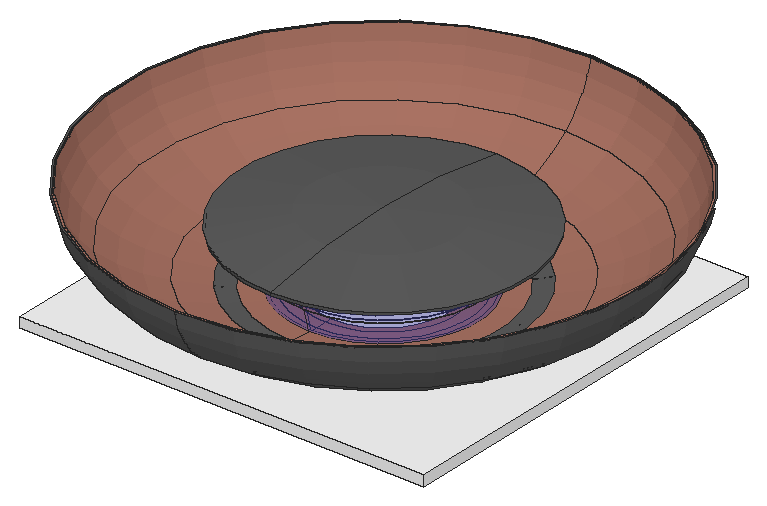
Revit family "BE_51219.6_de_DE", category Leuchten, Revit 2020
Family settings
  Basisbauteil = Fläche
  Bemaßung runder Anschluss = Durchmesser verwenden
  Teiletyp = Normal
  Beim Laden mit Abzugskörper schneiden = Ja
  Lichtquelle = Ja
  Gemeinsam genutzt = Nein
  Raumberechnungspunkt = Ja
Parameters (values of type "BEGA_51219.6_K3")
  built-in parameter 1150104 = 14.493 (stored number, unit not read)
  Wattage = 25 W
  Default Elevation = 0 mm
  built-in parameter 1150113 = 1 (stored number, unit not read)
  built-in parameter 1114218 = 1 (stored number, unit not read)
  Umgebungstemperatur = "25 °C"
  URL = "https://www.bega.com/de/produkt/51219.6"
  Typenkommentare = "© 2023 BEGA. Wir behalten uns das Recht vor, technische Änderungen ohne vorherige Ankündigung vorzunehmen."  # constant formula
  built-in parameter 1150134 = (empty or 0)
  built-in parameter 1150109 = 1 (stored number, unit not read)
  built-in parameter 1150110 = 1 (stored number, unit not read)
  Spannung = 239.996 V
  Sonderanfertigung = no
  Seriennummer [instance] = "Hier können Sie die eindeutige Seriennummer für das Facility Management eintragen."
  Schutzklasse = "I"
  Schutzart = "IP 20"
  Scheinlast = 0 VA
  Produktdatenblatt = "https://cdn.bega.com/bega/products/51219.6K3/current/documents/data-sheets/de"
  Neigungswinkel = 0.00°
  Modell = "51219.6K3"
  Material_35 = BEGA_Oberfläche_Samtschwarz_matt
  Material_34 = BEGA_Oberfläche_Samtweiss_matt
  Material_29 = BEGA_Oberfläche_Kupfer_matt
  Material_14 = BEGA_Kunststoff_opal
  M_W = no
  M_G = no
  M_A = no
  Logo = 0
  built-in parameter 1114217 = 1 (stored number, unit not read)
  built-in parameter 1150139 = (empty or 0)
  built-in parameter 1150105 = 310.35 (stored number, unit not read)
  built-in parameter 1150114 = 1 (stored number, unit not read)
  Lumens = 3900 lm
  built-in parameter 1150115 = 1 (stored number, unit not read)
  Leuchtenlichtstrom = "447 lm"
  Lebensdauerkriterien = "L70B50 @ 25 °C = 160000 h"
  Lastklassifizierung = Beleuchtung
  built-in parameter 1150112 = 1 (stored number, unit not read)
  Lampenlichtstrom = "3900 lm"
  Lampe = "LED 25 W"
  LED_Modulbezeichnung = "LED-1166/930"
  Hersteller = "BEGA"  # constant formula
  Frequenz = "0/50-60 Hz"
  Farbwiedergabeindex = "CRI > 90"
  Farbtemperaturverschiebung bei Dämpfen der Lampe = <Keine Auswahl>
  Farbtemperatur = "3000 K"
  Color Filter = 16777215
  built-in parameter 1150133 = 10 (stored number, unit not read)
  Energieeffizienzklasse = "LED A++ - A"
  built-in parameter 1150137 = (empty or 0)
  built-in parameter 1150132 = (empty or 0)
  Datei für fotometrisches Netz = "BE_51219-6K3.ies"
  CE_Konformität = "ja"
  Bestellnummer = "51219.6K3"
  Beschreibung_Sonderanfertigung = "Hier können Sie Informationen zur Sonderanfertigung eintragen."
  Beschreibung = "Wandleuchte"
  built-in parameter 1150106 = 3.1035 (stored number, unit not read)
  Befestigungsbohrung = "Ø 4,5 mm"
  BEGA_Intern_aus = yes
  BEGA_Intern_an = yes
  BEGA_Intern_Konstruktion = yes
  BEGA_Intern = yes
  BEGA_IES = yes
  BEGA_Dummy = no
  Anschlussleistung [instance] = "28.4 W"
  built-in parameter 1150107 = 3000 (stored number, unit not read)
  built-in parameter 1150102 = (empty or 0)
  built-in parameter 1150138 = (empty or 0)
  Aktualisierung = "2023-02-20T04:00:03"
  AC/DC = "AC/DC"
Reference planes
  plane 1 "Mitte (Vorne/Hinten)": y = 0
  plane 2: z = 0
  plane 3 "Mitte (Links/Rechts)": x = 0
  plane 4 "Links": x = -258.458
  plane 5 "Rechts": x = 258.458
  plane 6 "Unten": y = -258.454
  plane 7 "Oben": y = 258.454
  plane 8 "Vorne": z = 99.907
  plane 9 "Hinten": z = 0
Forms (mm)
  Extrusion 1, solid, material "BEGA_Platte_Weiss"
    sketch origin (0, -1119.2, 0) x (1, 0, 0) y (0, 1, 0)
      loop
        line (-200, 1319.2) -> (-200, 919.2) -> (200, 919.2) -> (200, 1319.2) -> (-200, 1319.2)
    from 0 to -10
  Extrusion 2, solid, material "BEGA_Dummy_matt", visible <- "BEGA_Dummy"
    sketch origin (77.149, -76.023, 0) x (1, 0, 0) y (0, 1, 0)
      loop
        circle (-77.149, 76.023) r 258.454
    from 0 to 99.907
Dimensions and locks
  plane 1 "Mitte (Vorne/Hinten)" to Extrusion 1 = 200 mm
  aligned and locked: plane 2 to Extrusion 1
  aligned and locked: level to Extrusion 1
Nested families
  nested 1: "BE_51219.6_Leuchte" at (0, 0, 0), type "BE_51219.6_Leuchte"
Connectors
  electrical at (0, 0, 0), driven by "Lastklassifizierung", driven by "Spannung", driven by "Scheinlast"
    settings: index 1, voltage 239.996 V, apparent load 0 VA, apparent load phase1 0 VA, apparent load phase2 0 VA, apparent load phase3 0 VA, power factor 1, load classification "Beleuchtung", number of poles 1, system type 31, power factor state 1, is connector primary yes, connector utility no, sub classification motor no, connector description ""
Definition of nested family "BE_51219.6_Leuchte"
  Parameters (values of type "BE_51219.6_Leuchte")
    Default Elevation = 1 mm
    URL = "http://www.bega.de/de/produkt"
    Type Comments = "© 2015 BEGA. Wir behalten uns das Recht vor, technische Änderungen ohne vorherige Ankündigung vorzunehmen. "  # constant formula
    Type Image = (empty or 0)
    Material_35 = none
    Material_34 = none
    Material_29 = none
    Material_14 = none
    Länge_Platte = 200 mm  # constant formula
    Höhe_Platte = -10 mm  # constant formula
    Manufacturer = "BEGA"  # constant formula
    Breite_Platte = 200 mm  # constant formula
  Reference planes
    plane 1 "Mitte (Oben/Unten)": y = 0
    plane 2: z = 0
    plane 3 "Mitte (Links/Rechts)": x = 0
    plane 4: z = 99.907
    plane 5: y = -258.454
    plane 6: y = 258.454
    plane 7: z = 0
    plane 8: x = 258.458
    plane 9: x = -258.458
  Forms (mm)
    Extrusion 1, solid, detail levels medium
      sketch origin (0, 0, 0) x (1, 0, 0) y (0, 1, 0)
        loop
          line (-100, 100) -> (-100, -100) -> (100, -100) -> (100, 100) -> (-100, 100)
      from 0 to -10 <- "Höhe_Platte"
    Revolve 2, solid, material <- "Material_34"
      sketch origin (0, 0, 0) x (1, 0, 0) y (0, 0, 1)
        loop
          line (90, 5.992) -> (64.5, 5.992) -> (64.5, 7.992) -> (0, 7.992) -> (0, 4.992) -> (65.4, 4.992) -> (65.4, 2.992) -> (90, 2.992) -> (90, 5.992)
        axis (0, 2.992) -> (0, 7.992)
      angle from 0 to 360
    Blend 3, solid, material <- "Material_34"
      base sketch origin (0, 0, 0) x (1, 0, 0) y (0, 1, 0)
        loop
          circle (-38.75, -67.117) r 5
      top sketch origin (0, 0, 0) x (1, 0, 0) y (0, 1, 0)
        loop
          circle (-38.75, -67.117) r 7.5
      from 0 to 2.992
    Blend 4, solid, material <- "Material_34"
      base sketch origin (0, 0, 0) x (1, 0, 0) y (0, 1, 0)
        loop
          circle (77.5, 0) r 5
      top sketch origin (0, 0, 0) x (1, 0, 0) y (0, 1, 0)
        loop
          circle (77.5, 0) r 7.5
      from 0 to 2.992
    Blend 5, solid, material <- "Material_34"
      base sketch origin (0, 0, 0) x (1, 0, 0) y (0, 1, 0)
        loop
          circle (-38.75, 67.117) r 5
      top sketch origin (0, 0, 0) x (1, 0, 0) y (0, 1, 0)
        loop
          circle (-38.75, 67.117) r 7.5
      from 0 to 2.992
    Extrusion 6, void
      sketch origin (0, 0, 0) x (1, 0, 0) y (0, 1, 0)
        loop
          circle (-38.75, 67.117) r 2.25
        loop
          circle (77.5, 0) r 2.25
        loop
          circle (-38.75, -67.117) r 2.25
        loop
          arc (42.071, 12.5) -> (43.702, 13.342) -> (43.96, 15.158) r 2
          arc (43.96, 15.158) -> (26.352, 38.312) -> (-1.567, 46.474) r 46.5
          arc (-1.567, 46.474) -> (-2.938, 45.865) -> (-3.5, 44.475) r 2
          line (-3.5, 44.475) -> (-3.5, 15.5)
          arc (-3.5, 15.5) -> (-2.621, 13.379) -> (-0.5, 12.5) r 3
          line (-0.5, 12.5) -> (42.071, 12.5)
      from 0 to 7.992
    Revolve 7, solid, material <- "Material_35"
      sketch origin (0, 0, 0) x (0, 1, 0) y (0, 0, 1)
        loop
          arc (66.091, 5.992) -> (74.672, 6.16) -> (83.25, 6.409) r 910.747
          arc (83.25, 6.409) -> (122.165, 9.32) -> (160.629, 15.91) r 410.702
          arc (160.629, 15.91) -> (195.338, 26.955) -> (226.572, 45.695) r 157.109
          arc (226.572, 45.695) -> (247.762, 69.714) -> (258.454, 99.907) r 84.239
          line (258.454, 99.907) -> (256.937, 99.907)
          arc (256.937, 99.907) -> (246.412, 70.377) -> (225.656, 46.883) r 82.739
          arc (225.656, 46.883) -> (194.712, 28.318) -> (160.324, 17.379) r 155.609
          arc (160.324, 17.379) -> (121.99, 10.809) -> (83.204, 7.909) r 409.202
          arc (83.204, 7.909) -> (74.103, 7.647) -> (65, 7.477) r 909.247
          line (65, 7.477) -> (65, 5.992) -> (66.091, 5.992)
        axis (0, 99.907) -> (0, 5.992)
      angle from 0 to 360
    Revolve 8, solid, material <- "Material_29"
      sketch origin (0, 0, 0) x (0, 1, 0) y (0, 0, 1)
        loop
          line (256.928, 99.907) -> (255.406, 99.907)
          arc (255.406, 99.907) -> (244.918, 71.358) -> (225.05, 48.33) r 84.997
          arc (225.05, 48.33) -> (196.634, 30.967) -> (165.183, 20.023) r 156.184
          arc (165.183, 20.023) -> (124.499, 12.494) -> (83.24, 9.411) r 381.815
          arc (83.24, 9.411) -> (77.504, 9.235) -> (71.766, 9.095) r 905.432
          arc (71.766, 9.095) -> (68.383, 9.037) -> (65, 8.992) r 820.208
          line (65, 8.992) -> (65, 7.492)
          arc (65, 7.492) -> (68.398, 7.537) -> (71.797, 7.595) r 821.708
          arc (71.797, 7.595) -> (77.539, 7.735) -> (83.28, 7.912) r 906.932
          arc (83.28, 7.912) -> (124.693, 11.007) -> (165.528, 18.564) r 383.315
          arc (165.528, 18.564) -> (197.286, 29.616) -> (225.978, 47.151) r 157.684
          arc (225.978, 47.151) -> (246.272, 70.702) -> (256.928, 99.907) r 86.497
        axis (0, 99.907) -> (0, 7.492)
      angle from 0 to 360
    Revolve 9, solid, material <- "Material_14"
      sketch origin (0, 0, 0) x (0, 1, 0) y (0, 0, 1)
        loop
          line (133.75, 63.044) -> (132.213, 62.633)
          arc (132.213, 62.633) -> (119.225, 57.379) -> (107.903, 49.125) r 57.21
          arc (107.903, 49.125) -> (101.358, 41.652) -> (96.406, 33.039) r 50.359
          arc (96.406, 33.039) -> (92.465, 21.587) -> (90, 9.73) r 95.839
          line (90, 9.73) -> (93.132, 9.73)
          arc (93.132, 9.73) -> (95.508, 20.957) -> (99.251, 31.806) r 92.739
          arc (99.251, 31.806) -> (103.892, 39.867) -> (110.023, 46.863) r 47.259
          arc (110.023, 46.863) -> (122.99, 55.855) -> (138, 60.724) r 54.11
          line (138, 60.724) -> (138, 62.131)
          arc (138, 62.131) -> (135.876, 62.591) -> (133.75, 63.044) r 647
        axis (0, 63.044) -> (0, 9.73)
      angle from 0 to 360
    Revolve 10, solid, material <- "Material_35"
      sketch origin (0, 0, 0) x (0, 1, 0) y (0, 0, 1)
        loop
          line (0, 80.019) -> (0, 77.019)
          arc (0, 77.019) -> (70.089, 73.212) -> (139.354, 61.834) r 647
          line (139.354, 61.834) -> (140, 64.763)
          arc (140, 64.763) -> (70.414, 76.194) -> (0, 80.019) r 650
        axis (0, 80.019) -> (0, 61.834)
      angle from 0 to 360
  Cuts and joins
    Extrusion 6 cuts Revolve 2
    Extrusion 6 cuts Blend 3
    Extrusion 6 cuts Blend 4
    Extrusion 6 cuts Blend 5
    joined: Revolve 2, Blend 3, Blend 4, Blend 5
  Dimensions and locks
    equal spacing: Extrusion 1 sketch curve, plane 3 "Mitte (Links/Rechts)", Extrusion 1 sketch curve
    equal spacing: Extrusion 1 sketch curve, plane 1 "Mitte (Oben/Unten)", Extrusion 1 sketch curve
    "Länge_Platte": Extrusion 1 sketch curve to Extrusion 1 sketch curve
    "Breite_Platte": Extrusion 1 sketch curve to Extrusion 1 sketch curve
    plane 1 "Mitte (Oben/Unten)" to Extrusion 1 = 100 mm  (x3)
    aligned and locked: plane 2 to Extrusion 1
    aligned and locked: level to Extrusion 1
  Automatic sketch dimensions
    Revolve 2 sketch curve to Revolve 2 sketch curve = 25.5 mm
    level to Revolve 2 sketch curve = 2.992 mm
    Revolve 2 sketch curve to Revolve 2 sketch curve = 0.9 mm
    Revolve 2 sketch curve to Revolve 2 sketch curve = 64.5 mm
    Revolve 2 sketch curve to Revolve 2 sketch curve = 2 mm  (x2)
    Revolve 2 sketch curve to Revolve 2 sketch curve = 1 mm
    Revolve 2 sketch curve to plane 3 "Mitte (Links/Rechts)" = 0 mm
    plane 1 "Mitte (Oben/Unten)" to Extrusion 6 sketch curve = 0 mm  (x2)
    Extrusion 6 sketch curve to plane 3 "Mitte (Links/Rechts)" = 38.75 mm  (x2)
    Extrusion 6 sketch curve to plane 3 "Mitte (Links/Rechts)" = 0.5 mm
    plane 1 "Mitte (Oben/Unten)" to Extrusion 6 sketch curve = 67.117 mm
    Extrusion 6 sketch curve to plane 1 "Mitte (Oben/Unten)" = 12.5 mm
    Extrusion 6 sketch curve to Extrusion 6 sketch curve = 51.617 mm
    Extrusion 6 sketch curve to Extrusion 6 sketch curve = 35.429 mm
    Extrusion 6 sketch curve to Extrusion 6 sketch curve = 2 mm
    Extrusion 6 sketch curve to Extrusion 6 sketch curve = 1.888 mm
    Extrusion 6 sketch curve to plane 3 "Mitte (Links/Rechts)" = 0 mm
    Extrusion 6 sketch curve to plane 3 "Mitte (Links/Rechts)" = 1.567 mm
    Extrusion 6 sketch curve to Extrusion 6 sketch curve = 1.933 mm
    Extrusion 6 sketch curve to plane 3 "Mitte (Links/Rechts)" = 1.5 mm
    Extrusion 6 sketch curve to Extrusion 6 sketch curve = 1.999 mm
    Extrusion 6 sketch curve to Extrusion 6 sketch curve = 0 mm
    Extrusion 6 sketch curve to Extrusion 6 sketch curve = 28.975 mm
    Revolve 7 sketch curve to plane 1 "Mitte (Oben/Unten)" = 65 mm
    Revolve 7 sketch curve to plane 1 "Mitte (Oben/Unten)" = 52.538 mm
    level to Revolve 7 sketch curve = 5.992 mm
    Revolve 7 sketch curve to plane 1 "Mitte (Oben/Unten)" = 72.113 mm
    Revolve 7 sketch curve to plane 1 "Mitte (Oben/Unten)" = 130.667 mm
    Revolve 7 sketch curve to Revolve 7 sketch curve = 44.482 mm
    level to Revolve 7 sketch curve = 112.418 mm
    level to Revolve 7 sketch curve = 6.409 mm
    level to Revolve 7 sketch curve = 15.91 mm
    Revolve 7 sketch curve to Revolve 7 sketch curve = 0 mm  (x9)
    Revolve 7 sketch curve to Revolve 7 sketch curve = 30.366 mm
    Revolve 7 sketch curve to Revolve 7 sketch curve = 0.916 mm  (x2)
    Revolve 7 sketch curve to Revolve 7 sketch curve = 1.517 mm
    Revolve 7 sketch curve to Revolve 7 sketch curve = 1.188 mm
    Revolve 7 sketch curve to Revolve 7 sketch curve = 0.305 mm
    Revolve 7 sketch curve to Revolve 7 sketch curve = 0.046 mm
    Revolve 7 sketch curve to Revolve 7 sketch curve = 1.499 mm
    Revolve 7 sketch curve to Revolve 7 sketch curve = 1.091 mm
    Revolve 8 sketch curve to Revolve 8 sketch curve = 0 mm  (x10)
    Revolve 8 sketch curve to plane 1 "Mitte (Oben/Unten)" = 52.574 mm
    Revolve 8 sketch curve to plane 1 "Mitte (Oben/Unten)" = 55.949 mm
    Revolve 8 sketch curve to plane 1 "Mitte (Oben/Unten)" = 75.46 mm
    Revolve 8 sketch curve to plane 1 "Mitte (Oben/Unten)" = 129.874 mm
    Revolve 8 sketch curve to Revolve 8 sketch curve = 41.793 mm
    Revolve 8 sketch curve to Revolve 8 sketch curve = 85.262 mm
    Revolve 8 sketch curve to Revolve 8 sketch curve = 14.564 mm
    Revolve 8 sketch curve to Revolve 8 sketch curve = 57.693 mm
    Revolve 8 sketch curve to Revolve 8 sketch curve = 218.983 mm
    Revolve 8 sketch curve to Revolve 8 sketch curve = 85.173 mm
    level to Revolve 8 sketch curve = 8.992 mm
    Revolve 8 sketch curve to plane 1 "Mitte (Oben/Unten)" = 65 mm
    Revolve 8 sketch curve to Revolve 8 sketch curve = 6.766 mm
    level to Revolve 8 sketch curve = 9.411 mm
    Revolve 8 sketch curve to Revolve 8 sketch curve = 0.041 mm
    level to Revolve 8 sketch curve = 20.023 mm
    Revolve 8 sketch curve to Revolve 8 sketch curve = 0.346 mm
    level to Revolve 8 sketch curve = 48.33 mm
    Revolve 8 sketch curve to Revolve 8 sketch curve = 0.928 mm
    Revolve 8 sketch curve to Revolve 8 sketch curve = 1.5 mm
    Revolve 8 sketch curve to Revolve 8 sketch curve = 0.03 mm
    Revolve 8 sketch curve to plane 1 "Mitte (Oben/Unten)" = 0 mm
    Revolve 8 sketch curve to Revolve 8 sketch curve = 66.141 mm
    Revolve 8 sketch curve to level = 609.6 mm
    Revolve 8 sketch curve to Revolve 8 sketch curve = 1429.483 mm
    Revolve 9 sketch curve to plane 1 "Mitte (Oben/Unten)" = 0 mm
    Revolve 9 sketch curve to plane 1 "Mitte (Oben/Unten)" = 132.213 mm
    Revolve 9 sketch curve to Revolve 9 sketch curve = 1.536 mm
    Revolve 9 sketch curve to Revolve 9 sketch curve = 4.25 mm
    level to Revolve 9 sketch curve = 12.37 mm
    Revolve 9 sketch curve to Revolve 9 sketch curve = 4.329 mm
    Revolve 9 sketch curve to Revolve 9 sketch curve = 4.683 mm
    Revolve 9 sketch curve to level = 3.812 mm
    Revolve 9 sketch curve to Revolve 9 sketch curve = 0.411 mm
    level to Revolve 9 sketch curve = 9.73 mm
    Revolve 9 sketch curve to Revolve 9 sketch curve = 17.903 mm
    Revolve 9 sketch curve to Revolve 9 sketch curve = 11.497 mm
    Revolve 9 sketch curve to Revolve 9 sketch curve = 0 mm  (x7)
    Revolve 9 sketch curve to Revolve 9 sketch curve = 1.407 mm
    Revolve 9 sketch curve to Revolve 9 sketch curve = 2.119 mm  (x2)
    Revolve 9 sketch curve to Revolve 9 sketch curve = 2.263 mm
    Revolve 9 sketch curve to Revolve 9 sketch curve = 1.233 mm
    Revolve 9 sketch curve to Revolve 9 sketch curve = 3.132 mm
    level to Revolve 10 sketch curve = 64.763 mm
    Revolve 10 sketch curve to plane 1 "Mitte (Oben/Unten)" = 140 mm
    level to Revolve 10 sketch curve = 80.019 mm
    level to Revolve 10 sketch curve = 61.834 mm
    Revolve 10 sketch curve to Revolve 10 sketch curve = 0.646 mm
    Revolve 10 sketch curve to Revolve 10 sketch curve = 0 mm
    Revolve 10 sketch curve to plane 1 "Mitte (Oben/Unten)" = 0 mm
    radius of Extrusion 6 sketch curve = 2.25 mm  (x3)
